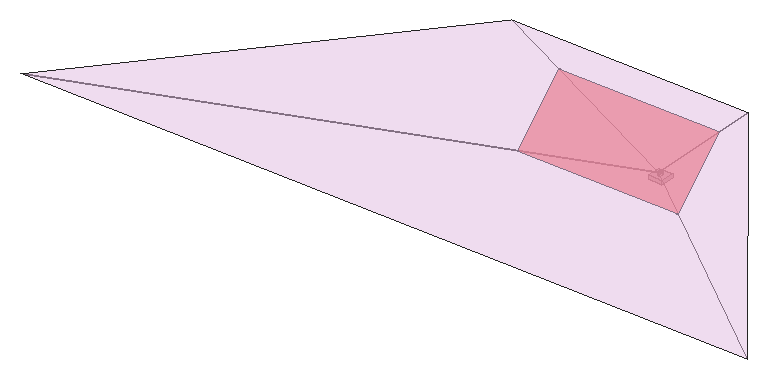
Revit family "Camera-Security-Panasonic-Dome-Network-S3511LSeriesX", category Security Devices, host Face, Revit 2016
Family settings
  Host = Face
  Maintain Annotation Orientation = No
  Part Type = Normal
  Round Connector Dimension = Use Diameter
  OmniClass Number = 23.85.10.14.11
  OmniClass Title = Cameras
  Cut with Voids When Loaded = No
  Shared = No
  Room Calculation Point = No
Parameters (values of type "WV-S3511L")
  z Yaw Actual [instance] = if(and(On Wall, not(On Ceiling)), Yaw Actual, Yaw Actual + 180.00°)  # 180.00°
  z VV Viewpoint Depth Min = 0.68898"  # constant formula
  z VV Viewpoint Depth Max = 0.68898"  # constant formula
  z VV Viewpoint Depth [instance] = (z VV Viewpoint Depth Max - z VV Viewpoint Depth Min) * z HFOV Ratio + z VV Viewpoint Depth Min  # 0.68898"
  z VV Origin Height [instance] = 1.02362"  # constant formula
  z Tilt Offset Length = 0.66929"  # constant formula
  z Tilt Actual Safe [instance] = if(Tilt Actual = -90.00°, -89.90°, Tilt Actual)  # 45.00°
  z Tilt Actual [instance] = Tilt Actual  # 45.00°
  z Pan Actual Safe [instance] = if(Pan Actual = -180.00°, 180.00°, Pan Actual)  # 0.00°
  z Pan Actual [instance] = Pan Actual  # 0.00°
  z HFOV Ratio [instance] = 1  # constant formula
  z Dome Material = Acrylic Resin - Panasonic - Clear
  z Const Yaw Handle Length = 9.25197"  # constant formula
  z Const Yaw Base2 Length = 17.32283"  # constant formula
  z Const Yaw Base Length = 10.23622"  # constant formula
  z Const Tilt Handle Length = 9.84252"  # constant formula
  z Const Tilt Base2 Length = 19.68504"  # constant formula
  z Const Tilt Base Length = 9.84252"  # constant formula
  z Const Pan Handle Length = 27.55906"  # constant formula
  z Camera Resolution Type = 2
  z Base Radius = Diameter / 2  # 2.14567"
  Yaw Min [instance] = -90.00°  # constant formula
  Yaw Max [instance] = 90.00°  # constant formula
  Yaw Desired [instance] = 0.00°
  Yaw Actual [instance] = if(Yaw Desired > Yaw Max, Yaw Max, if(Yaw Desired < Yaw Min, Yaw Min, Yaw Desired))  # 0.00°
  Wide Dynamic Range = yes
  Weight = 0.84 lbf
  Water and Dust Resistance = yes
  Vertical FOV Min [instance] = if(and(Aspect Ratio 4_3, not(Aspect Ratio 16_9)), VFOV Min 43, VFOV Min 169)  # 54.00°
  Vertical FOV Max [instance] = if(and(Aspect Ratio 4_3, not(Aspect Ratio 16_9)), VFOV Max 43, VFOV Max 169)  # 54.00°
  Vertical FOV Actual [instance] = z HFOV Ratio * (Vertical FOV Max - Vertical FOV Min) + Vertical FOV Min  # 54.00°
  Vandal Resistant = yes
  VFOV Min 43 = 72.00°
  VFOV Min 169 = 54.00°
  VFOV Max 43 = 72.00°
  VFOV Max 169 = 54.00°
  URL = "http://security.panasonic.com/pss/security/"
  Tilting Range = "0 to +90°"  # constant formula
  Tilt Min [instance] = 0.00°  # constant formula
  Tilt Max [instance] = 90.00°  # constant formula
  Tilt Desired [instance] = 45.00°
  Tilt Actual [instance] = if(Tilt Desired > Tilt Max, Tilt Max, if(Tilt Desired < Tilt Min, Tilt Min, Tilt Desired))  # 45.00°
  Storage Temperature = Operational Temperature  # "-30 °C to +50 °C (-22 °F to 122 °F)"
  Show View Volume [instance] = yes
  Shock Resistance = yes
  Resolution_HD [instance] = yes
  Resolution_FullHD [instance] = no
  Regulatory Compliance = "UL (UL60950-1), c-UL (CSA C22.2 No.60950-1), CE, IEC60950-1, FCC (Part15 Subpart B, ClassA, SDoC), ICES-003 ClassA, EN55032 ClassB, EN55024, ECE-R10, EN50498, EN50121, EN50155 : 2017 Class OT2/ST2 (EN 50155 : 2007 Class TX), IEC62236-3-2"  # constant formula
  Rated Current = 80 mA  # constant formula
  Provide Feedback = "https://www.surveymonkey.com/s/95FL6QY"
  Product Page URL = "https://security.panasonihttps://security.panasonic.com/products/wv-s3511l/"
  Product Material = Aluminium die cast - Light gray
  Product Documentation Link = "https://bizpartner.panasonic.net/public/product/wv-s3511l?accordion_tab=96"
  Power Active = 3.8 W  # constant formula
  PoE = 48 V  # constant formula
  Part Number = Model  # "WV-S3511L"
  Part Description = Description  # "Security Camera, Super Dynamic, HD, Dome, Network"
  Panning Range = "±45°"  # constant formula
  Pan Min [instance] = -45.00°  # constant formula
  Pan Max [instance] = 45.00°  # constant formula
  Pan Desired [instance] = 0.00°
  Pan Actual [instance] = if(Pan Desired > Pan Max, Pan Max, if(Pan Desired < Pan Min, Pan Min, Pan Desired))  # 0.00°
  PPM Desired [instance] = 300
  PPM Actual [instance] = if(PPM Desired > 1, PPM Desired, 1)  # 300
  Original Creation Date = "2019/01/18"
  Operational Temperature = "-30 °C to +50 °C (-22 °F to 122 °F)"
  Operational Humidity = "10 to 100 % (no condensation)"  # constant formula
  On Wall [instance] = no
  On Ceiling [instance] = yes
  Mounting Positions = "Surface Mount"
  Model Disclaimer = "Contact Panasonic for more information"  # constant formula
  Model = "WV-S3511L"
  Minimum Illumination = 0.02 lx
  Manufacturer = "Panasonic"  # constant formula
  Lens Mount = "N/A"  # constant formula
  Indoor Or Outdoor = "Outdoor"  # constant formula
  IP Or Analog = "IP"
  Horizontal Resolution Actual [instance] = if(and(Aspect Ratio 4_3, not(Aspect Ratio 16_9)), Horizontal Resolution 43, Horizontal Resolution 169)  # 1280
  Horizontal Resolution 43 [instance] = if(not(z Camera Resolution Type = 1), 1280, if(and(Resolution_HD, not(Resolution_FullHD)), 1280, 2048))  # 1280
  Horizontal Resolution 169 [instance] = if(not(z Camera Resolution Type = 1), 1280, if(and(Resolution_HD, not(Resolution_FullHD)), 1280, 1920))  # 1280
  Horizontal FOV Min [instance] = if(and(Aspect Ratio 4_3, not(Aspect Ratio 16_9)), HFOV Min 43, HFOV Min 169)  # 97.00°
  Horizontal FOV Max [instance] = if(and(Aspect Ratio 4_3, not(Aspect Ratio 16_9)), HFOV Max 43, HFOV Max 169)  # 97.00°
  Horizontal FOV Desired [instance] = 60.00°
  Horizontal FOV Actual [instance] = if(Horizontal FOV Desired > Horizontal FOV Max, Horizontal FOV Max, if(Horizontal FOV Desired < Horizontal FOV Min, Horizontal FOV Min, Horizontal FOV Desired))  # 97.00°
  Height = 2.08661"  # constant formula
  Has POE = yes
  HFOV Min 43 = 97.00°
  HFOV Min 169 = 97.00°
  HFOV Max 43 = 97.00°
  HFOV Max 169 = 97.00°
  Family Version = "1.0.0"  # constant formula
  Equipment Number [instance] = ""
  Equipment Abbreviation = "SC"
  Dome Part Number = "WV-CW6SA"  # constant formula
  Distance to Screen [instance] = 393.70079"
  Distance to PPM Target [instance] = if(PPM Actual = 0, 0.000", 39.37008" * Horizontal Resolution Actual / (PPM Actual * 2 * tan(Horizontal FOV Actual / 2)))  # 74.30763"
  Distance to Floor [instance] = 118.11024"
  Distance to Ceiling [instance] = 0.000"
  Diameter = 4.29134"  # constant formula
  Description = "Security Camera, Super Dynamic, HD, Dome, Network"
  Default Elevation = 0.000"
  Date Last Modified = "2019/01/18"
  Day Or Night = "Yes"
  Copyright = "Copyright © Panasonic"  # constant formula
  Communication Ports = "10Base-T / 100Base-TX, RJ45 connector"
  Audio Out = "No"
  Audio In = "No"
  Aspect Ratio 4_3 [instance] = no
  Aspect Ratio 16_9 [instance] = yes
  Angle Of View = "97"
  Alarm Input Or Output = "N/A"
Types (4): name | z Camera Resolution Type | Weight | Vertical FOV Min | Vertical FOV Max | Vertical FOV Actual | VFOV Min 43 | VFOV Min 169 | VFOV Max 43 | VFOV Max 169 | Storage Temperature | Resolution_HD | Resolution_FullHD | Product Page URL | Product Documentation Link | Part Number | Part Description | PPM Desired | PPM Actual | Original Creation Date | Operational Temperature | Model | Minimum Illumination | Horizontal Resolution Actual | Horizontal Resolution 43 | Horizontal Resolution 169 | Horizontal FOV Min | Horizontal FOV Max | Horizontal FOV Desired | Horizontal FOV Actual | HFOV Min 43 | HFOV Min 169 | HFOV Max 43 | HFOV Max 169 | Distance to PPM Target | Description | Communication Ports | Angle Of View
  WV-S3511L | 2 | 0.84 lbf | 54.00° | 54.00° | 54.00° | 72.00° | 54.00° | 72.00° | 54.00° | "-30 °C to +50 °C (-22 °F to 122 °F)" | yes | no | "https://security.panasonihttps://security.panasonic.com/products/wv-s3511l/" | "https://bizpartner.panasonic.net/public/product/wv-s3511l?accordion_tab=96" | "WV-S3511L" | "Security Camera, Super Dynamic, HD, Dome, Network" | 300 | 300 | "2019/01/18" | "-30 °C to +50 °C (-22 °F to 122 °F)" | "WV-S3511L" | 0.02 lx | 1280 | 1280 | 1280 | 97.00° | 97.00° | 60.00° | 97.00° | 97.00° | 97.00° | 97.00° | 97.00° | 74.30763" | "Security Camera, Super Dynamic, HD, Dome, Network" | "10Base-T / 100Base-TX, RJ45 connector" | "97"
  WV-S3512LM | 2 | 0.86 lbf | 54.00° | 54.00° | 54.00° | 72.00° | 54.00° | 72.00° | 54.00° | "-40 °C to +60 °C (-40 °F to 140 °F)" | no | yes | "https://security.panasonic.com/products/wv-s3512lm/" | "https://bizpartner.panasonic.net/public/product/wv-s3512lm?accordion_tab=96" | "WV-S3512LM" | "Security Camera, Super Dynamic, HD, Dome, Network" | 0 | 1 | "2019/01/16" | "-40 °C to +60 °C (-40 °F to 140 °F)" | "WV-S3512LM" | 0.02 lx | 1280 | 1280 | 1280 | 97.00° | 97.00° | 0.00° | 97.00° | 97.00° | 97.00° | 97.00° | 97.00° | 22292.29013" | "Security Camera, Super Dynamic, HD, Dome, Network" | "10Base-T / 100Base-TX, M12 connector" | "97"
  WV-S3531L | 1 | 0.84 lbf | 60.00° | 60.00° | 60.00° | 66.00° | 60.00° | 66.00° | 60.00° | "-30 °C to +50 °C (-22 °F to 122 °F)" | no | yes | "https://security.panasonic.com/products/wv-s3531l/" | "https://bizpartner.panasonic.net/public/product/wv-s3531l?accordion_tab=96" | "WV-S3531L" | "Security Camera, Super Dynamic, FullHD, Dome, Network" | 0 | 1 | "2019/01/18" | "-30 °C to +50 °C (-22 °F to 122 °F)" | "WV-S3531L" | 0.03 lx | 1920 | 2048 | 1920 | 108.00° | 108.00° | 0.00° | 108.00° | 89.00° | 108.00° | 89.00° | 108.00° | 27459.87507" | "Security Camera, Super Dynamic, FullHD, Dome, Network" | "10Base-T / 100Base-TX, RJ45 connector" | "108"
  WV-S3532LM | 1 | 0.86 lbf | 60.00° | 60.00° | 60.00° | 66.00° | 60.00° | 66.00° | 60.00° | "-40 °C to +60 °C (-40 °F to 140 °F)" | no | yes | "https://security.panasonic.com/products/wv-s3532lm/" | "https://bizpartner.panasonic.net/public/product/wv-s3532lm?accordion_tab=96" | "WV-S3532LM" | "Security Camera, Super Dynamic, FullHD, Dome, Network" | 0 | 1 | "2019/01/18" | "-40 °C to +60 °C (-40 °F to 140 °F)" | "WV-S3532LM" | 0.03 lx | 1920 | 2048 | 1920 | 108.00° | 108.00° | 0.00° | 108.00° | 89.00° | 108.00° | 89.00° | 108.00° | 27459.87507" | "Security Camera, Super Dynamic, FullHD, Dome, Network" | "10Base-T / 100Base-TX, M12 connector" | "108"
Reference planes (in)
  plane 1 "Center (Front/Back)": y = 0
  plane 2: z = 0
  plane 3 "Center (Left/Right)": x = 0
  plane 4: x = 2.14567
  plane 5: x = -2.14567
  plane 6: z = 1.758
  plane 7: x = -0.75
  plane 8: x = 0.75
  plane 9: y = -1
  plane 10: y = -1.75
  plane 11: y = -0.25
  plane 12: y = 0.531
  plane 13: x = -1.9405
  plane 14: x = 1.9405
  plane 15: z = 0.558
  plane 16: z = 1.258
  plane 17: z = 0.758
  plane 18: y = -0.66929
  plane 19: z = 0
  plane 20: z = 2.08661
  plane 21 "BP": z = 1.02362
Forms (in)
  Extrusion 1, solid
    sketch origin (0, 0, 0) x (1, 0, 0) y (0, 1, 0)
      loop
        line (-5.98395, 6.49686) -> (-5.98395, -6.8388) -> (7.86462, -6.8388) -> (7.86462, 6.49686) -> (-5.98395, 6.49686)
    from 0 to -3.65195
  Extrusion 2, solid, material "Aluminium die cast - Light gray" <- "Product Material"
    sketch origin (0, 0, 0) x (1, 0, 0) y (0, 1, 0)
      loop
        circle (0, 0) r 2.14567
    from 0 to 1.758
  Sweep 3, void
    path in 3D
      loop
        spline (-2.08128, 1.031, 1.5) -> (-2.01037, 0.90159, 1.5) -> (-1.80244, 0.781, 1.5) -> (-1.47169, 0.67745, 1.5) -> (-1.04064, 0.59799, 1.5) -> (-0.53868, 0.54804, 1.5) -> (0, 0.531, 1.5) -> (0.53868, 0.54804, 1.5) -> (1.04064, 0.59799, 1.5) -> (1.47169, 0.67745, 1.5) -> (1.80244, 0.781, 1.5) -> (2.01037, 0.90159, 1.5) -> (2.08128, 1.031, 1.5)
    profile origin (0, 0.531, 1.5) x (0, 1, 0) y (0, 0, 1)
      loop
        line (0, 0.258) -> (-2.69735, 0.258) -> (-2.69735, -0.942) -> (-0.78008, -0.742)
        arc (-0.78008, -0.742) -> (-0.21809, -0.37614) -> (0, 0.258) r 1.031
  Revolve 4, solid, material "Acrylic Resin - Panasonic - Clear" <- "z Dome Material"
    sketch origin (-60, -0.66929, 48) x (-1, 0, 0) y (0, 0, 1)
      loop
        arc (-59.11985, -47.442) -> (-59.1404, -46.43614) -> (-60, -45.91339) r 1.04544
        line (-60, -45.91339) -> (-60, -47.442) -> (-59.11985, -47.442)
      axis (-60, -45.91339) -> (-60, -47.442)
    angle from 0 to 360
  Sweep 5, void
    path in 3D
      loop
        spline (1.9635, 0.86519, 1.758) -> (1.68006, 0.73587, 1.758) -> (1.33304, 0.64702, 1.758) -> (1.00327, 0.59293, 1.758) -> (0.66949, 0.55757, 1.758) -> (0.34021, 0.53773, 1.758) -> (0.00097, 0.531, 1.758) -> (-0.33962, 0.5377, 1.758) -> (-0.67277, 0.55784, 1.758) -> (-1.01285, 0.5942, 1.758) -> (-1.34931, 0.65031, 1.758) -> (-1.69012, 0.73921, 1.758) -> (-1.9635, 0.86519, 1.758)
    profile origin (0.00097, 0.531, 1.758) x (0.000112, -1, 0) y (0, 0, 1)
      loop
        line (0, 0) -> (-0.31705, 0) -> (-0.31705, -1.758) -> (2.281, -1.758) -> (2.281, -1.15775) -> (0.78008, -1.358)
        arc (0.78008, -1.358) -> (0.2089, -0.78305) -> (0, 0) r 1.57208
Cuts and joins
  Sweep 3 cuts Extrusion 2
  Sweep 5 cuts Revolve 4
Lines and regions (in)
  Masking region 1
    outline origin (0, 0, 0) x (1, 0, 0) y (0, 1, 0)
      loop
        circle (0, 0) r 2.14567
  Masking region 2
    outline origin (0, 0, 0) x (1, 0, 0) y (0, 0, 1)
      loop
        line (-2.14567, 0) -> (2.14567, 0) -> (2.14567, 0.75) -> (1.83288, 1.258) -> (1.80671, 1.758) -> (-1.80671, 1.758) -> (-1.83288, 1.258) -> (-2.14567, 0.75) -> (-2.14567, 0)
  sketch lines
    curve 1: spline (-2.08128, 1.031, 1.5) -> (-2.01037, 0.90159, 1.5) -> (-1.80244, 0.781, 1.5) -> (-1.47169, 0.67745, 1.5) -> (-1.04064, 0.59799, 1.5) -> (-0.53868, 0.54804, 1.5) -> (0, 0.531, 1.5) -> (0.53868, 0.54804, 1.5) -> (1.04064, 0.59799, 1.5) -> (1.47169, 0.67745, 1.5) -> (1.80244, 0.781, 1.5) -> (2.01037, 0.90159, 1.5) -> (2.08128, 1.031, 1.5)
    curve 2: spline (1.9635, 0.86519, 1.758) -> (1.68006, 0.73587, 1.758) -> (1.33304, 0.64702, 1.758) -> (1.00327, 0.59293, 1.758) -> (0.66949, 0.55757, 1.758) -> (0.34021, 0.53773, 1.758) -> (0.00097, 0.531, 1.758) -> (-0.33962, 0.5377, 1.758) -> (-0.67277, 0.55784, 1.758) -> (-1.01285, 0.5942, 1.758) -> (-1.34931, 0.65031, 1.758) -> (-1.69012, 0.73921, 1.758) -> (-1.9635, 0.86519, 1.758)
  symbolic lines, style "SecurityDevices", detail levels fine
    curve 3: circle (0, -0.66929, 0) r 1.15794 normal (0, 0, 1)
Dimensions and locks (in)
  equal spacing: plane 5, plane 3 "Center (Left/Right)", plane 4
  "Diameter": plane 5 to plane 4
  plane 6 to plane 2 = 1.758"
  plane 11 to plane 9 to plane 10 = 0.750", 0.750" locked
  plane 1 "Center (Front/Back)" to plane 12 = 0.531"
  "Height": plane 20 to plane 19
  plane 6 to plane 16 to plane 17 to plane 15 to plane 19 = 0.500" locked, 0.500" locked, 0.200" locked, 0.558" locked
  "z VV Origin Height": plane 21 "BP" to level
  "z Tilt Offset Length": plane 18 to plane 1 "Center (Front/Back)"
  "z Tilt Offset Length": nested 1 to plane 1 "Center (Front/Back)"
  "z Base Radius": radius of Extrusion 2 sketch curve
  "z Base Radius": radius of Masking region 1 sketch curve
  aligned and locked: plane 2 to Extrusion 1
  aligned and locked: level to Extrusion 1
  aligned and locked: plane 1 "Center (Front/Back)" to Extrusion 2 sketch curve
  aligned and locked: plane 3 "Center (Left/Right)" to Extrusion 2 sketch curve
  aligned and locked: plane 6 to Extrusion 2
  aligned and locked: cut or joined group of Extrusion 2, Sweep 3 to plane 19
  aligned and locked: plane 3 "Center (Left/Right)" to Revolve 4 sketch curve
  aligned and locked: plane 6 to Sweep 3 sketch curve
  aligned and locked: plane 15 to Sweep 3 sketch curve
  aligned and locked: plane 17 to Sweep 3 sketch curve
  aligned and locked: Sweep 5 sketch curve to plane 19
  aligned and locked: plane 6 to Sweep 5 sketch curve
  aligned and locked: nested 1 to plane 3 "Center (Left/Right)"
Automatic sketch dimensions
  Extrusion 1 sketch curve to Extrusion 1 sketch curve = 13.84857"
  Extrusion 1 sketch curve to Extrusion 1 sketch curve = 13.33566"
  Sweep 3 sketch curve to profile plane = 0.000"
  profile plane to Sweep 3 sketch curve = 0.78008"
  Sweep 3 sketch curve to Sweep 3 sketch curve = 1.91727"
  Sweep 5 sketch curve to profile plane = 0.000"
  profile plane to Sweep 5 sketch curve = 0.31705"
  Sweep 5 sketch curve to profile plane = 0.78008"
  Sweep 5 sketch curve to Sweep 5 sketch curve = 1.50092"
  Sweep 5 sketch curve to profile plane = 1.15775"
  Sweep 5 sketch curve to Sweep 5 sketch curve = 0.400"
  plane 5 to Masking region 2 sketch curve = 0.000"
  Masking region 2 sketch curve to plane 16 = 0.000"  (x2)
  Masking region 2 sketch curve to plane 6 = 0.000"
  plane 4 to Masking region 2 sketch curve = 0.000"
  Masking region 2 sketch curve to level = 0.000"
  Masking region 2 sketch curve to plane 13 = 0.10762"
  Masking region 2 sketch curve to plane 13 = 0.13379"
  Masking region 2 sketch curve to plane 14 = 0.13379"
  Masking region 2 sketch curve to plane 14 = 0.10762"
  plane 17 to Masking region 2 sketch curve = 0.008"  (x2)
  curve 3 to plane 3 "Center (Left/Right)" = 0.000"
  plane 18 to curve 3 = 0.000"
  Revolve 4 sketch curve to plane 3 "Center (Left/Right)" = 0.000"
  Revolve 4 sketch curve to plane 15 = 0.000"
  Revolve 4 sketch curve to plane 20 = 0.000"
  Revolve 4 sketch curve to plane 3 "Center (Left/Right)" = 0.0464"
  Revolve 4 sketch curve to plane 21 "BP" = 0.01858"
  Revolve 4 sketch curve to plane 16 = 0.17748"
  plane 6 to Revolve 4 sketch curve = 0.12412"
  plane 1 "Center (Front/Back)" to Masking region 1 sketch curve = 0.000"
  Masking region 1 sketch curve to plane 3 "Center (Left/Right)" = 0.000"
  radius of curve 3 = 1.15794"
Nested families (in)
  nested 1: "Camera-Security-Panasonic-ViewVolumePTYZ" at (0, -0.66929, 1.02362), Viewpoint Depth <- "z VV Viewpoint Depth", Base Height Offset <- "z VV Origin Height", Pan <- "z Pan Actual Safe", Tilt <- "z Tilt Actual Safe", HFOV <- "Horizontal FOV Actual", VFOV <- "Vertical FOV Actual", Target Depth <- "Distance to PPM Target", Yaw <- "z Yaw Actual", Screen Depth <- "Distance to Screen", On Wall <- "On Wall", On Ceiling <- "On Ceiling", Floor Distance <- "Distance to Floor", Ceiling Distance <- "Distance to Ceiling", visible <- "Show View Volume", type "Camera-Security-Panasonic-ViewVolumePTYZ"
    with z Yaw Actual 180.00°, z Void Width 1680.82235", z Void Thickness 395.41339", z Void Height Start -840.41118", z Void Height End 840.41118", z Void Direction 0, z Void Angle 0.00°, z Viewpoint Depth 0.68898", z Tilt Actual 45.00°, z Target Width 167.979", z Target Visible yes, z Target Height 75.72326", z Target Depth 74.99661", z Screen Width 889.99558", z Screen Height 401.20114", z Screen Depth 394.38976", z Pan Actual 0.00°, z Floor Distance 118.11024", z Ceiling Distance 0.000", Yaw 180.00°, Viewpoint Origin Horizontal Offset 0.000", Viewpoint Depth 0.68898", VFOV 54.00°, Tilt 45.00°, Target Depth 74.30763", Screen Depth 393.70079", Pan 0.00°, On Wall no, On Floor no, On Default Mount Type 0, On Ceiling yes, HFOV 97.00°, Floor Distance 118.11024", Ceiling Distance 0.000", Base Height Offset 1.02362", Base Angle Offset 0.00°
Connectors (in)
  electrical at (0, 0, 0), driven by "PoE", driven by "Power Active"
    settings: on cut or joined group of Extrusion 2, Sweep 3, index 1, voltage 48 V, apparent load 3.8 W, apparent load phase1 0.0 W, apparent load phase2 0.0 W, apparent load phase3 0.0 W, power factor 1, load classification "Other", number of poles 1, system type 30, power factor state 1, is connector primary yes, connector utility no, sub classification motor no, connector description "Electrical Connection"
  electrical at (0, 0, 0)
    settings: index 2, voltage 0 V, apparent load 0.0 W, apparent load phase1 0.0 W, apparent load phase2 0.0 W, apparent load phase3 0.0 W, power factor 1, load classification "Other", number of poles 1, system type 5, power factor state 1, is connector primary no, connector utility no, sub classification motor no, connector description "Data Connection"
Definition of nested family "Camera-Security-Panasonic-ViewVolumePTYZ"
  Parameters
    z Yaw Actual [instance] = if(Yaw < 0.00°, 360.00° - (abs(Yaw) - rounddown(abs(Yaw) / 360.00°) * 360.00°), Yaw - rounddown(Yaw / 360.00°) * 360.00°)  # 0.00°
    z Void Width [instance] = if(z Screen Width > z Screen Height, z Screen Width, z Screen Height) + abs(Viewpoint Origin Horizontal Offset) + z Void Thickness * 2  # 1265.63013"
    z Void Thickness [instance] = z Screen Depth + abs(Base Height Offset)  # 405.51181"
    z Void Height Start [instance] = -z Void Width / 2  # -632.81507"
    z Void Height End [instance] = z Void Width / 2  # 632.81507"
    z Void Direction [instance] = if((if(On Wall, 1, 0) + if(On Floor, 1, 0) + if(On Ceiling, 1, 0)) = 1, if(On Ceiling, 0, if(On Wall, 1, 2)), On Default Mount Type)  # 0
    z Viewpoint Depth [instance] = if(Viewpoint Depth < 0.03937", 0.03937", Viewpoint Depth)  # 5.90551"
    z Tilt Actual [instance] = if(Tilt < 0.00°, 360.00° - (abs(Tilt) - rounddown(abs(Tilt) / 360.00°) * 360.00°), Tilt - rounddown(Tilt / 360.00°) * 360.00°)  # 45.00°
    z Target Visible [instance] = not(Screen Depth < Target Depth)  # yes
    z Target Thickness Start = -z Target Thickness / 2  # -0.03937"
    z Target Thickness End = z Target Thickness / 2  # 0.03937"
    z Target Depth [instance] = Target Depth + Viewpoint Depth  # 84.64567"
    z Pan Actual [instance] = if(Pan < 0.00°, 360.00° - (abs(Pan) - rounddown(abs(Pan) / 360.00°) * 360.00°), Pan - rounddown(Pan / 360.00°) * 360.00°)  # 0.00°
    z Floor Distance [instance] = if(z Void Direction = 2, if(Floor Distance < 0.000", 0.000", Floor Distance), if(Floor Distance < 0.3937", 0.3937", Floor Distance))  # 118.11024"
    z Const Yaw Base2 Length = 17.32283"  # constant formula
    z Const Tilt Base2 Length = 19.68504"  # constant formula
    z Ceiling Distance [instance] = if(z Void Direction = 2, if(Ceiling Distance < 0.3937", 0.3937", Ceiling Distance), if(Ceiling Distance < 0.000", 0.000", Ceiling Distance))  # 0.000"
    z Const Void Handle Length = 23.62205"  # constant formula
    z Void Angle [instance] = if(z Void Direction = 0, 0.00° + Base Angle Offset, if(z Void Direction = 1, 90.00° + Base Angle Offset, 180.00° + Base Angle Offset))  # 0.00°
    z Screen Depth [instance] = if(Screen Depth < 3.93701", 3.93701" + Viewpoint Depth, Screen Depth + Viewpoint Depth)  # 399.6063"
    Original Creation Date = "September, 15, 2016"  # constant formula
    On Default Mount Type [instance] = 0
    Manufacturer = "Panasonic"  # constant formula
    Family Version = "1.0.0"  # constant formula
    Default Elevation = 48.000"
    Date Last Modified = "September, 15, 2016"  # constant formula
    Copyright = "Copyright © Panasonic"  # constant formula
    Base Height Offset [instance] = 5.90551"
    Base Angle Offset [instance] = 0.00°
    z Viewpoint Width = 0.03937"  # constant formula
    z Viewpoint Height = 0.03937"  # constant formula
    VFOV [instance] = 33.75°
    z Target Width [instance] = Target Depth * tan(HFOV / 2) * 2  # 90.9213"
    z Target Thickness = 0.07874"  # constant formula
    z Target Height [instance] = Target Depth * tan(VFOV / 2) * 2  # 47.77113"
    Target Depth [instance] = 78.74016"
    z Screen Width [instance] = (z Screen Depth - Viewpoint Depth) * tan(HFOV / 2) * 2  # 454.60651"
    z Screen Height [instance] = (z Screen Depth - Viewpoint Depth) * tan(VFOV / 2) * 2  # 238.85566"
    Screen Depth [instance] = 393.70079"
    z Const Yaw Handle Length = 9.25197"  # constant formula
    z Const Yaw Base Length = 10.23622"  # constant formula
    Viewpoint Depth [instance] = 5.90551"
    Viewpoint Origin Horizontal Offset [instance] = 0.000"
    z Const Tilt Handle Length = 14.17323"  # constant formula
    z Const Tilt Base Length = 9.84252"  # constant formula
    z Const Pan Handle Length = 19.68504"  # constant formula
    z Const Pan Axis Length = 15.74803"  # constant formula
    On Wall [instance] = no
    On Floor [instance] = no
    On Ceiling [instance] = yes
    HFOV [instance] = 60.00°
    Yaw [instance] = 0.00°
    Tilt [instance] = 45.00°
    Pan [instance] = 0.00°
    Floor Distance [instance] = 118.11024"
    Ceiling Distance [instance] = 0.000"
  Reference planes (in)
    plane 1 "Center (Front/Back)": y = 0
    plane 2: z = 0
    plane 3 "Center (Left/Right)": x = 0
    plane 4 "VoidOffsetBase": z = -5.90551
  Forms (in)
    Extrusion 1, void
      sketch origin (0, 0, -5.90551) x (0, 0, 1) y (0, -1, 0)
        loop
          line (523.62205, 632.81507) -> (118.11024, 632.81507) -> (118.11024, -632.81507) -> (523.62205, -632.81507) -> (523.62205, 632.81507)
        loop
          line (0, 632.81507) -> (-405.51181, 632.81507) -> (-405.51181, -632.81507) -> (0, -632.81507) -> (0, 632.81507)
      from -632.81507 <- "z Void Height Start" to 632.81507 <- "z Void Height End"
    Blend 2, solid
      base sketch origin (0, -4.17583, 4.17583) x (0, 0.707107, 0.707107) y (-1, 0, 0)
        loop
          line (-0.01969, -0.01969) -> (0.01969, -0.01969) -> (0.01969, 0.01969) -> (-0.01969, 0.01969) -> (-0.01969, -0.01969)
      top sketch origin (0, -282.56432, 282.56432) x (0, 0.707107, 0.707107) y (-1, 0, 0)
        loop
          line (-119.42783, -227.30326) -> (119.42783, -227.30326) -> (119.42783, 227.30326) -> (-119.42783, 227.30326) -> (-119.42783, -227.30326)
      from 0 to 0
    Extrusion 3, solid, visible <- "z Target Visible"
      sketch origin (0, -59.85353, 59.85353) x (0, 0.707107, 0.707107) y (-1, 0, 0)
        loop
          line (-23.88557, -45.46065) -> (23.88557, -45.46065) -> (23.88557, 45.46065) -> (-23.88557, 45.46065) -> (-23.88557, -45.46065)
      from -0.03937 <- "z Target Thickness Start" to 0.03937 <- "z Target Thickness End"
  Cuts and joins
    Extrusion 1 cuts Blend 2
    Extrusion 1 cuts Extrusion 3
  Lines and regions (in)
    reference lines
      curve 1: line (0, 0, 0) -> (19.68504, 0, 0)
      curve 2: line (0, 0, -15.74803) -> (0, 0, 0)
      curve 3: line (0, 0, 0) -> (0, -9.84252, 0)
      curve 4: line (0, 0, 0) -> (0, 0, 19.68504)
      curve 5: line (0, -10.02199, 10.02199) -> (0, 0, 0)
      curve 6: line (0, 0, 0) -> (0, 7.2381, 7.2381)
      curve 7: line (0, 0, 0) -> (-17.32283, 0, 0)
      curve 8: line (0, 0, 0) -> (-9.25197, 0, 0)
      curve 9: line (0, -4.17583, 4.17583) -> (0, 0, 0)
      curve 10: line (0, 0, 0) -> (0, -59.85353, 59.85353)
      curve 11: line (0, 0, 0) -> (0, -282.56432, 282.56432)
      curve 12: line (-0.01969, -4.16191, 4.18975) -> (0.01969, -4.16191, 4.18975)
      curve 13: line (-0.01969, -4.18975, 4.16191) -> (0.01969, -4.18975, 4.16191)
      curve 14: line (-0.01969, -4.16191, 4.18975) -> (-0.01969, -4.18975, 4.16191)
      curve 15: line (0.01969, -4.16191, 4.18975) -> (0.01969, -4.18975, 4.16191)
      curve 16: line (-45.46065, -42.96388, 76.74317) -> (45.46065, -42.96388, 76.74317)
      curve 17: line (-45.46065, -76.74317, 42.96388) -> (45.46065, -76.74317, 42.96388)
      curve 18: line (-45.46065, -42.96388, 76.74317) -> (-45.46065, -76.74317, 42.96388)
      curve 19: line (45.46065, -42.96388, 76.74317) -> (45.46065, -76.74317, 42.96388)
      curve 20: line (-227.30326, -198.1161, 367.01255) -> (-227.30326, -367.01255, 198.1161)
      curve 21: line (227.30326, -198.1161, 367.01255) -> (227.30326, -367.01255, 198.1161)
      curve 22: line (-227.30326, -198.1161, 367.01255) -> (227.30326, -198.1161, 367.01255)
      curve 23: line (-227.30326, -367.01255, 198.1161) -> (227.30326, -367.01255, 198.1161)
      curve 24: line (0, 0, -5.90551) -> (0, 0, 17.71654)
      curve 25: line (0, -632.81507, 517.71654) -> (0, 632.81507, 517.71654)
      curve 26: line (0, -632.81507, 112.20472) -> (0, -632.81507, 517.71654)
      curve 27: line (0, 632.81507, 112.20472) -> (0, -632.81507, 112.20472)
      curve 28: line (0, 632.81507, 517.71654) -> (0, 632.81507, 112.20472)
      curve 29: line (0, -632.81507, -5.90551) -> (0, 632.81507, -5.90551)
      curve 30: line (0, -632.81507, -411.41732) -> (0, -632.81507, -5.90551)
      curve 31: line (0, 632.81507, -411.41732) -> (0, -632.81507, -411.41732)
      curve 32: line (0, 632.81507, -5.90551) -> (0, 632.81507, -411.41732)
  Dimensions and locks (in)
    "z Const Pan Handle Length": curve 1 to curve 1
    "z Const Pan Axis Length": curve 2 to curve 2
    "z Const Tilt Base Length": curve 3 to curve 3
    "z Const Pan Axis Length": curve 1 to curve 2
    "Viewpoint Origin Horizontal Offset": curve 4 to curve 2
    "z Const Tilt Base2 Length": curve 4 to curve 4
    "z Const Tilt Handle Length": curve 5 to curve 5
    "z Const Yaw Base Length": curve 6 to curve 6
    "z Const Yaw Base2 Length": curve 7 to curve 7
    "z Const Yaw Handle Length": curve 8 to curve 8
    "z Viewpoint Depth": curve 9 to curve 9
    "z Target Depth": curve 10 to curve 10
    "z Screen Depth": curve 11 to curve 11
    equal spacing: curve 13, curve 9, curve 12
    "z Viewpoint Height": curve 13 to curve 12
    equal spacing: curve 14, curve 9, curve 15
    "z Viewpoint Width": curve 14 to curve 15
    equal spacing: curve 17, curve 10, curve 16
    "z Target Height": curve 17 to curve 16
    equal spacing: curve 18, curve 10, curve 19
    "z Target Width": curve 18 to curve 19
    equal spacing: curve 20, curve 11, curve 21
    "z Screen Width": curve 20 to curve 21
    equal spacing: curve 23, curve 11, curve 22
    "z Screen Height": curve 23 to curve 22
    "z Const Void Handle Length": curve 24 to curve 24
    equal spacing: curve 26, curve 24, curve 28
    "z Void Width": curve 26 to curve 28
    "z Floor Distance": curve 27 to curve 24
    "z Ceiling Distance": curve 29 to curve 24
    "z Void Thickness": curve 31 to curve 29
    "z Void Thickness": curve 25 to curve 27
    "Base Height Offset": level to plane 4 "VoidOffsetBase"
    locked: curve 3 to curve 2 (angle 90.00°)
    locked: curve 3 to curve 4 (angle 90.00°)
    "z Tilt Actual": angle curve 4 to curve 5
    locked: curve 6 to curve 7 (angle 90.00°)
    locked: curve 6 to curve 5 (angle 90.00°)
    locked: curve 9 to curve 5 (angle 0.00°)
    locked: curve 10 to curve 5 (angle 0.00°)
    locked: curve 11 to curve 5 (angle 0.00°)
    "z Void Angle": angle plane 1 "Center (Front/Back)" to curve 24
    "z Yaw Actual": angle curve 7 to curve 8
    "z Pan Actual": angle plane 1 "Center (Front/Back)" to curve 1
    aligned and locked: level to plane 2
    aligned and locked: curve 2 to curve 1
    aligned and locked: curve 2 to curve 3
    aligned and locked: curve 3 to curve 2
    aligned and locked: curve 3 to curve 5
    aligned and locked: curve 6 to curve 7
    aligned and locked: curve 6 to curve 8
    aligned and locked: curve 8 to curve 7
    aligned and locked: curve 7 to curve 6
    aligned and locked: curve 5 to curve 11
    aligned and locked: curve 11 to curve 8
    aligned and locked: curve 12 to curve 15
    aligned and locked: curve 15 to curve 15
    aligned and locked: curve 14 to curve 14
    aligned and locked: curve 13 to curve 15
    aligned and locked: curve 16 to curve 19
    aligned and locked: curve 18 to curve 18
    aligned and locked: curve 17 to curve 19
    aligned and locked: curve 22 to curve 22
    aligned and locked: curve 21 to curve 23
    aligned and locked: curve 20 to curve 23
    aligned and locked: curve 23 to curve 23
    aligned and locked: plane 1 "Center (Front/Back)" to curve 24
    aligned and locked: curve 30 to curve 26
    aligned and locked: curve 28 to curve 32
    aligned and locked: Extrusion 1 sketch curve to curve 25
    aligned and locked: Extrusion 1 sketch curve to curve 26
    aligned and locked: Extrusion 1 sketch curve to curve 27
    aligned and locked: Extrusion 1 sketch curve to curve 28
    aligned and locked: Extrusion 1 sketch curve to curve 29
    aligned and locked: Extrusion 1 sketch curve to curve 30
    aligned and locked: Extrusion 1 sketch curve to curve 31
    aligned and locked: Extrusion 1 sketch curve to curve 32
    aligned and locked: Extrusion 1 sketch curve to Extrusion 1 sketch curve  (x8)
    aligned and locked: Blend 2 sketch curve to curve 15
    aligned and locked: Blend 2 sketch curve to curve 13
    aligned and locked: Blend 2 sketch curve to curve 14
    aligned and locked: Blend 2 sketch curve to curve 12
    aligned and locked: Blend 2 sketch curve to Blend 2 sketch curve  (x8)
    aligned and locked: Blend 2 sketch curve to curve 21
    aligned and locked: Blend 2 sketch curve to curve 23
    aligned and locked: Blend 2 sketch curve to curve 20
    aligned and locked: Blend 2 sketch curve to curve 22
    aligned and locked: Extrusion 3 sketch curve to curve 19
    aligned and locked: Extrusion 3 sketch curve to curve 17
    aligned and locked: Extrusion 3 sketch curve to curve 18
    aligned and locked: Extrusion 3 sketch curve to curve 16
    aligned and locked: Extrusion 3 sketch curve to Extrusion 3 sketch curve  (x4)
    aligned and locked: plane 3 "Center (Left/Right)" to curve 1
    aligned and locked: plane 1 "Center (Front/Back)" to curve 1
    aligned and locked: level to curve 2
    aligned and locked: plane 4 "VoidOffsetBase" to curve 24
  Automatic sketch dimensions
    curve 6 to curve 5 = 0.000"
    curve 6 to curve 5 = 10.23622"
